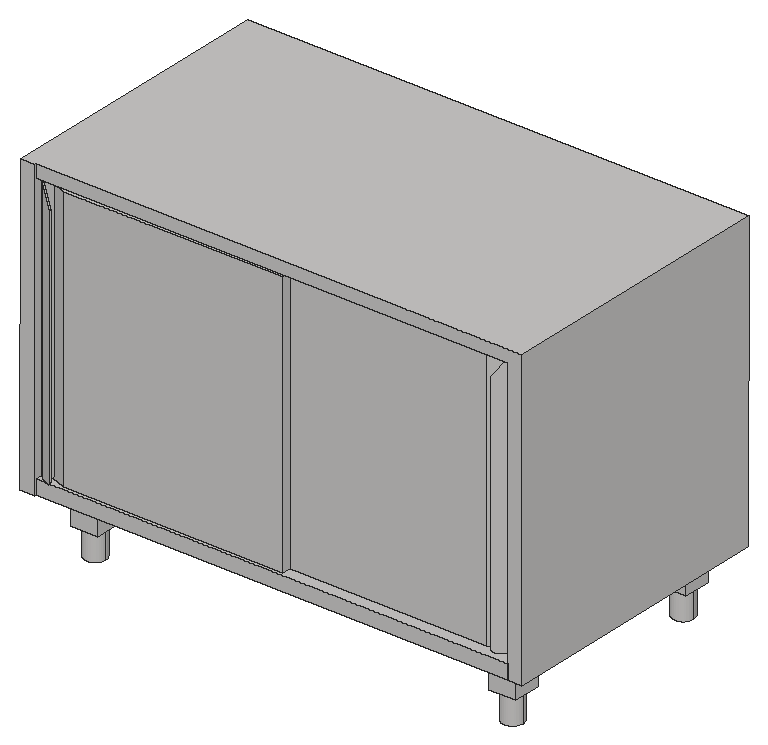
Revit family "QF_ELECTROLUXPROFESSIONAL_121826_TEL2S12", category Attrezzature speciali, Revit 2020
Family settings
  Quota connettore circolare = Usa diametro
  Tipo di parte = Normale
  Basato su piano di lavoro = No
  Sempre verticale = Sì
  Taglio con vuoti quando caricato = No
  Condiviso = No
  Punto di calcolo locali = No
Parameters (values of type "Standard")
  Weight = 40.00 kg
  Watts = 0 W
  Volts = 0 V
  URL Manufacturer = "https://www.electroluxprofessional.com/"
  URL = "https://www.electroluxprofessional.com/"
  Steam Supply Size = 0 mm
  Steam Supply Minimum Pressure = 0.0 Pa
  Steam Supply Maximum Pressure = 0.0 Pa
  Steam Consumption per Hour = 0
  Refrigeration Suction Line Size = 0.0 mm
  Refrigeration Liquid Line Size = 0.0 mm
  Refrigerant Compressor Remote = yes
  Prospetto di default = 0.0 mm
  Phase = 0
  Modello = "TEL2S12"
  Produttore = "Electrolux Professional"
  Length Actual = 1200.0 mm  # constant formula
  Item Number = "121826"
  Hot Water Size = 0 mm
  Height Actual = 860.0 mm  # constant formula
  HP = "0 HP"
  Gas Size = 0 mm
  Gas KW = 0
  Gas Input Pressure = 0 W
  Direct Waste Size = 0 mm
  Descrizione = "CUPBOARD BASE FOR SINK TOP 1200MM"
  Depth Actual = 680.0 mm  # constant formula
  Cycle = 0 Hz
  Condensate Return Size = 0 mm
  Compressed Air Volume = 0.0 L/s
  Compressed Air Size = 0 mm
  Compressed Air Pressure = 0.0 Pa
  Cold Water Size = 0 mm
  Accessory = yes
Reference planes
  plane 1 "Center (Front/Back)": y = 0
  plane 2: z = 0
  plane 3 "Center (Left/Right)": x = -300
  plane 4 "LEFT": x = -900
  plane 5 "RIGHT": x = 300
  plane 6 "BACK": y = 340
  plane 7 "FRONT": y = -340
  plane 8 "Base": z = 860
  plane 9 "TOP": z = 900
  plane 10: x = -800
  plane 11: x = 200
  plane 12: y = 270
  plane 13: y = -240
  plane 14 "FEET": z = 150
  plane 15: x = -866
  plane 16: y = -337
  plane 17: y = 310
  plane 18: x = 266
  plane 19: x = -326.5
  plane 20: x = -273.5
Forms (mm)
  Extrusion 1, solid, material "QF_Finishes_Stainless Steel"
    sketch origin (0, 0, 150) x (-1, 0, 0) y (0, -1, 0)
      loop
        line (900, -340) -> (900, 340) -> (866, 340) -> (866, -340) -> (900, -340)
      loop
        line (-266, -340) -> (-266, 337) -> (-300, 337) -> (-300, -340) -> (-266, -340)
    from 0 to 710
  Extrusion 2, solid, material "QF_Finishes_Stainless Steel"
    sketch origin (0, 0, 150) x (-1, 0, 0) y (0, -1, 0)
      loop
        line (866, -310) -> (866, 337) -> (-266, 337) -> (-266, -310) -> (866, -310)
    from 0 to 35
  Extrusion 3, solid, material "QF_Finishes_Stainless Steel"
    sketch origin (0, 0, 0) x (1, 0, 0) y (0, 1, 0)
      loop
        line (-866, -337) -> (266, -337) -> (266, 340) -> (-866, 340) -> (-866, -337)
    from 830 to 860
  Extrusion 4, solid, material "QF_Finishes_Stainless Steel"
    sketch origin (0, 0, 150) x (-1, 0, 0) y (0, -1, 0)
      loop
        line (866, -340) -> (866, -310) -> (-266, -310) -> (-266, -340) -> (866, -340)
    from 680 to 0
  Extrusion 5, solid, material "QF_Finishes_Stainless Steel"
    sketch origin (0, -340, 0) x (-1, 0, 0) y (0, 0, 1)
      loop
        line (301, 185) -> (301, 187) -> (299, 187) -> (299, 185) -> (301, 185)
    from 45 to 43
  Extrusion 6, solid, material "QF_Finishes_Stainless Steel"
    sketch origin (0, 0, 150) x (-1, 0, 0) y (0, -1, 0)
      loop
        line (326.5, 317) -> (-198, 317) -> (-233, 302) -> (-263, 302) -> (-263, 297) -> (326.5, 297) -> (326.5, 317)
    from 675 to 40
  Extrusion 7, solid, material "QF_Finishes_Stainless Steel"
    sketch origin (0, 0, 150) x (-1, 0, 0) y (0, -1, 0)
      loop
        line (-221, 331) -> (-249, 316) -> (-263, 302) -> (-260.172, 302) -> (-247.795, 314.377) -> (-220.056, 329.237) -> (-221, 331)
    from 675 to 40
  Extrusion 8, solid, material "QF_Finishes_Stainless Steel"
    sketch origin (0, 0, 150) x (-1, 0, 0) y (0, -1, 0)
      loop
        line (273.5, 337) -> (273.5, 317) -> (863, 317) -> (863, 322) -> (833, 322) -> (798, 337) -> (273.5, 337)
    from 675 to 40
  Extrusion 9, solid, material "QF_Finishes_Stainless Steel"
    sketch origin (0, 0, 150) x (-1, 0, 0) y (0, -1, 0)
      loop
        line (821, 351) -> (820.056, 349.237) -> (847.795, 334.377) -> (860.172, 322) -> (863, 322) -> (849, 336) -> (821, 351)
    from 675 to 40
  Extrusion 10, void
    sketch origin (-318.5, -342.5, 2435) x (-1, 0, 0) y (0, 0, 1)
      loop
        line (497, -1610) -> (497, -1661.75) -> (531.5, -1610) -> (497, -1610)
      loop
        line (501.556, -2245) -> (511.556, -2245)
        arc (511.556, -2245) -> (504.484, -2242.071) -> (501.556, -2235) r 10
        line (501.556, -2235) -> (501.556, -2245)
    from -13.118 to 9.689
  Extrusion 11, void
    sketch origin (-481.5, -342.5, 2430) x (1, 0, 0) y (0, 0, -1)
      loop
        line (697, 1605) -> (731.5, 1605) -> (697, 1656.75) -> (697, 1605)
      loop
        line (701.556, 2240) -> (701.556, 2230)
        arc (701.556, 2230) -> (704.484, 2237.071) -> (711.556, 2240) r 10
        line (711.556, 2240) -> (701.556, 2240)
    from 5.5 to 29.918
Cuts and joins
  joined: Extrusion 1, Extrusion 3, Extrusion 4
  Extrusion 10 cuts Extrusion 9
  Extrusion 11 cuts Extrusion 7
Lines and regions (mm)
  symbolic lines, style "SpecialityEquipmentHiddenLines"
    curve 1: line (300, 340, 900) -> (-900, 340, 900)
    curve 2: line (300, -340, 900) -> (300, 340, 900)
    curve 3: line (-900, -344.5, 150) -> (-900, 340, 150)
    curve 4: line (-900, -340, 150) -> (-866, -340, 150)
    curve 5: line (-866, -340, 150) -> (-866, -337, 150)
    curve 6: line (-866, -337, 150) -> (266, -337, 150)
    curve 7: line (266, -337, 150) -> (266, -340, 150)
    curve 8: line (266, -340, 150) -> (300, -340, 150)
    curve 9: line (266, -340, 1600) -> (266, -337, 1600)
    curve 11: line (-866, -337, 1600) -> (-866, -340, 1600)
    curve 12: line (266, -297, 200) -> (-326.5, -297, 200)
    curve 13: line (-326.5, -297, 200) -> (-326.5, -317, 200)
    curve 14: line (199, -317, 200) -> (-863, -317, 200)
    curve 18: line (-273.5, -317, 200) -> (-273.5, -337, 200)
    curve 19: line (198, -317, 1600) -> (233, -302, 1600)
    curve 20: line (233, -302, 1600) -> (263, -302, 1600)
    curve 21: line (263, -302, 1600) -> (263, -297, 1600)
    curve 22: line (220.958, -331.023, 1600) -> (248.999, -316.001, 1600)
    curve 23: line (248.999, -316.001, 1600) -> (263, -302, 1600)
    curve 24: line (260.172, -302, 1600) -> (247.795, -314.377, 1600)
    curve 25: line (247.795, -314.377, 1600) -> (219.992, -329.271, 1600)
    curve 26: line (219.992, -329.271, 1600) -> (220.958, -331.023, 1600)
    curve 27: line (-863, -317, 1600) -> (-863, -322, 1600)
    curve 28: line (-863, -322, 1600) -> (-849, -336, 1600)
    curve 29: line (-849, -336, 1600) -> (-847.133, -337, 1600)
    curve 30: line (-842.884, -337, 1600) -> (-847.955, -334.283, 1600)
    curve 31: line (-847.955, -334.283, 1600) -> (-860.239, -322, 1600)
    curve 32: line (-798, -337, 1600) -> (-833, -322, 1600)
    curve 33: line (-833, -322, 1600) -> (-863, -322, 1600)
  symbolic lines, style "SpecialityEquipment"
    curve 10: line (266, -337, 1600) -> (-866, -337, 1600)
    curve 15: line (-847.133, -337, 1600) -> (-820.985, -351.008, 1600)
    curve 16: line (-820.985, -351.008, 1600) -> (-820.038, -349.239, 1600)
    curve 17: line (-842.884, -337, 1600) -> (-820.038, -349.239, 1600)
Dimensions and locks
  plane 4 "LEFT" to plane 5 "RIGHT" = 1200.0 mm
  equal spacing: plane 4 "LEFT", plane 3 "Center (Left/Right)", plane 5 "RIGHT"
  plane 6 "BACK" to plane 7 "FRONT" = 680.0 mm
  equal spacing: plane 6 "BACK", plane 1 "Center (Front/Back)", plane 7 "FRONT"
  locked: plane 14 "FEET" to level at 150
  locked: plane 4 "LEFT" to plane 10 at 100
  locked: plane 11 to plane 5 "RIGHT" at 100
  locked: plane 4 "LEFT" to plane 15 at 34
  plane 16 to plane 7 "FRONT" = 3.0 mm
  plane 6 "BACK" to plane 17 = 30.0 mm
  locked: plane 6 "BACK" to plane 12 at 70
  locked: plane 13 to plane 7 "FRONT" at 100
  locked: plane 8 "Base" to level at 860
  locked: plane 9 "TOP" to level at 900
  locked: plane 18 to plane 5 "RIGHT" at 34
  locked: plane 19 to plane 20 at 53
  equal spacing: plane 19, plane 3 "Center (Left/Right)", plane 20
  aligned and locked: level to plane 2
  aligned and locked: plane 10 to nested 1
  aligned and locked: plane 11 to nested 2  (x2)
  aligned and locked: nested 4 to plane 12
  aligned and locked: plane 10 to nested 3
  aligned and locked: nested 3 to plane 12
  aligned and locked: plane 8 "Base" to Extrusion 1
  aligned and locked: plane 6 "BACK" to Extrusion 1 sketch curve
  aligned and locked: Extrusion 1 sketch curve to plane 6 "BACK"
  aligned and locked: Extrusion 1 sketch curve to plane 7 "FRONT"
  aligned and locked: plane 15 to Extrusion 1
  aligned and locked: Extrusion 2 to plane 15
  aligned and locked: plane 8 "Base" to Extrusion 3
  aligned and locked: Extrusion 2 to plane 16
  aligned and locked: Extrusion 2 to plane 17
  aligned and locked: Extrusion 3 to plane 16
  aligned and locked: plane 15 to Extrusion 4 sketch curve
  aligned and locked: Extrusion 4 sketch curve to plane 6 "BACK"
  aligned and locked: Extrusion 4 sketch curve to plane 17
  aligned and locked: Extrusion 4 to Extrusion 3
  aligned and locked: Extrusion 4 to plane 14 "FEET"
  aligned and locked: plane 6 "BACK" to Extrusion 3
  aligned and locked: nested 1 to plane 13
  aligned and locked: nested 2 to plane 13
  aligned and locked: plane 18 to Extrusion 3
  aligned and locked: Extrusion 2 sketch curve to plane 18
  aligned and locked: cut or joined group of Extrusion 1, Extrusion 3, Extrusion 4 to plane 18
  aligned and locked: plane 18 to cut or joined group of Extrusion 1, Extrusion 3, Extrusion 4
  aligned and locked: Extrusion 6 to plane 19
  aligned and locked: curve 13 to plane 19
  aligned and locked: plane 20 to Extrusion 8
  aligned and locked: curve 18 to plane 20
  aligned and locked: curve 7 to curve 9
  aligned and locked: plane 18 to curve 9
  aligned and locked: nested 4 to nested 4
  aligned and locked: nested 4 to nested 2
Automatic sketch dimensions
  curve 2 to plane 5 "RIGHT" = 0.0 mm
  curve 2 to plane 7 "FRONT" = 0.0 mm
  curve 1 to plane 4 "LEFT" = 0.0 mm
  curve 1 to plane 6 "BACK" = 0.0 mm
  Extrusion 1 sketch curve to plane 5 "RIGHT" = 0.0 mm
  Extrusion 1 sketch curve to plane 16 = 0.0 mm
  Extrusion 1 sketch curve to plane 18 = 0.0 mm
  Extrusion 1 sketch curve to plane 15 = 0.0 mm
  Extrusion 1 sketch curve to plane 4 "LEFT" = 0.0 mm
  Extrusion 2 sketch curve to plane 15 = 0.0 mm
  plane 17 to Extrusion 2 sketch curve = 0.0 mm
  Extrusion 2 sketch curve to plane 16 = 0.0 mm
  curve 8 to plane 5 "RIGHT" = 0.0 mm
  curve 6 to plane 15 = 0.0 mm
  curve 3 to plane 4 "LEFT" = 0.0 mm
  curve 3 to plane 6 "BACK" = 0.0 mm
  curve 6 to plane 16 = 0.0 mm
  curve 8 to plane 7 "FRONT" = 0.0 mm
  curve 4 to plane 7 "FRONT" = 0.0 mm
  curve 4 to curve 3 = 4.5 mm
  Extrusion 3 sketch curve to plane 6 "BACK" = 0.0 mm
  Extrusion 3 sketch curve to plane 15 = 0.0 mm
  Extrusion 3 sketch curve to plane 18 = 0.0 mm
  Extrusion 3 sketch curve to plane 16 = 0.0 mm
  Extrusion 4 sketch curve to plane 18 = 0.0 mm
  plane 3 "Center (Left/Right)" to Extrusion 5 sketch curve = 1.0 mm
  Extrusion 5 sketch curve to plane 3 "Center (Left/Right)" = 1.0 mm
  plane 14 "FEET" to Extrusion 5 sketch curve = 35.0 mm
  Extrusion 5 sketch curve to Extrusion 5 sketch curve = 2.0 mm
  Extrusion 6 sketch curve to plane 19 = 0.0 mm
  Extrusion 6 sketch curve to plane 11 = 2.0 mm
  plane 11 to Extrusion 6 sketch curve = 33.0 mm
  Extrusion 6 sketch curve to plane 18 = 3.0 mm
  plane 16 to Extrusion 6 sketch curve = 40.0 mm
  Extrusion 6 sketch curve to Extrusion 6 sketch curve = 5.0 mm
  Extrusion 6 sketch curve to Extrusion 6 sketch curve = 20.0 mm
  Extrusion 7 sketch curve to plane 18 = 3.0 mm
  Extrusion 7 sketch curve to Extrusion 7 sketch curve = 2.828 mm
  Extrusion 7 sketch curve to plane 18 = 17.0 mm
  Extrusion 7 sketch curve to Extrusion 7 sketch curve = 1.205 mm
  plane 16 to Extrusion 7 sketch curve = 6.0 mm
  plane 11 to Extrusion 7 sketch curve = 21.0 mm
  plane 16 to Extrusion 7 sketch curve = 7.763 mm
  Extrusion 7 sketch curve to Extrusion 7 sketch curve = 0.944 mm
  Extrusion 7 sketch curve to Extrusion 7 sketch curve = 12.377 mm
  Extrusion 8 sketch curve to plane 16 = 0.0 mm
  Extrusion 8 sketch curve to plane 20 = 0.0 mm
  plane 10 to Extrusion 8 sketch curve = 2.0 mm
  plane 16 to Extrusion 8 sketch curve = 15.0 mm
  Extrusion 8 sketch curve to plane 10 = 33.0 mm
  plane 15 to Extrusion 8 sketch curve = 3.0 mm
  Extrusion 8 sketch curve to Extrusion 8 sketch curve = 20.0 mm
  Extrusion 9 sketch curve to plane 10 = 20.056 mm
  Extrusion 9 sketch curve to plane 7 "FRONT" = 11.0 mm
  Extrusion 9 sketch curve to Extrusion 9 sketch curve = 0.944 mm
  plane 16 to Extrusion 9 sketch curve = 2.623 mm
  plane 15 to Extrusion 9 sketch curve = 18.205 mm
  plane 16 to Extrusion 9 sketch curve = 1.0 mm
  plane 15 to Extrusion 9 sketch curve = 5.828 mm
  Extrusion 9 sketch curve to Extrusion 9 sketch curve = 2.828 mm
  plane 16 to Extrusion 9 sketch curve = 15.0 mm
  curve 32 to plane 16 = 0.0 mm
  curve 11 to plane 15 = 0.0 mm
  curve 9 to plane 7 "FRONT" = 0.0 mm
  curve 11 to plane 7 "FRONT" = 0.0 mm
  curve 23 to plane 18 = 3.0 mm
  curve 23 to plane 18 = 17.001 mm
  curve 22 to curve 25 = 1.204 mm
  curve 24 to curve 19 = 14.795 mm
  plane 16 to curve 22 = 5.977 mm
  plane 11 to curve 22 = 20.958 mm
  plane 16 to curve 25 = 7.729 mm
  curve 22 to curve 25 = 0.966 mm
  curve 16 to plane 7 "FRONT" = 9.239 mm
  curve 16 to plane 10 = 20.038 mm
  curve 16 to plane 7 "FRONT" = 11.008 mm
  curve 16 to curve 16 = 0.948 mm
  curve 33 to curve 17 = 9.884 mm
  plane 16 to curve 30 = 2.717 mm
  curve 15 to curve 30 = 0.822 mm
  plane 16 to curve 29 = 1.0 mm
  curve 30 to curve 29 = 1.045 mm
  plane 15 to curve 33 = 3.0 mm
  plane 16 to curve 33 = 15.0 mm
  plane 16 to curve 23 = 20.999 mm
  curve 25 to curve 22 = 1.624 mm
  curve 19 to curve 24 = 12.377 mm
  curve 20 to curve 24 = 2.828 mm
  curve 19 to plane 11 = 2.0 mm
  plane 10 to curve 32 = 2.0 mm
  curve 30 to curve 17 = 0.0 mm
  curve 29 to curve 15 = 0.0 mm
  curve 31 to curve 27 = 2.761 mm
  curve 27 to curve 27 = 5.0 mm
  plane 16 to curve 19 = 20.0 mm
  curve 21 to curve 20 = 5.0 mm
  curve 12 to plane 18 = 0.0 mm
  curve 18 to plane 16 = 0.0 mm
  plane 16 to curve 13 = 40.0 mm
  curve 14 to plane 11 = 1.0 mm
  plane 15 to curve 14 = 3.0 mm
  curve 12 to curve 13 = 20.0 mm
  Extrusion 10 sketch curve to plane 10 = 15.5 mm
  Extrusion 10 sketch curve to plane 10 = 20.056 mm
  Extrusion 10 sketch curve to Extrusion 10 sketch curve = 10.0 mm
  plane 15 to Extrusion 10 sketch curve = 16.0 mm
  plane 14 "FEET" to Extrusion 10 sketch curve = 40.0 mm
  Extrusion 10 sketch curve to plane 8 "Base" = 86.75 mm
  Extrusion 10 sketch curve to plane 8 "Base" = 35.0 mm
  plane 11 to Extrusion 11 sketch curve = 15.5 mm
  plane 11 to Extrusion 11 sketch curve = 20.056 mm
  Extrusion 11 sketch curve to Extrusion 11 sketch curve = 10.0 mm
  Extrusion 11 sketch curve to plane 18 = 16.0 mm
  Extrusion 11 sketch curve to plane 8 "Base" = 35.0 mm
  Extrusion 11 sketch curve to Extrusion 11 sketch curve = 51.75 mm
  plane 14 "FEET" to Extrusion 11 sketch curve = 50.0 mm
Nested families
  nested 1: "FEET_L65-150" at (-800, -240, 0), type "FEET_L65-150"
  nested 2: "FEET_L65-150" at (200, -240, 0), type "FEET_L65-150"
  nested 3: "FEET_L65-150" at (-800, 270, 0), type "FEET_L65-150"
  nested 4: "FEET_L65-150" at (200, 270, 0), type "FEET_L65-150"
Definition of nested family "FEET_L65-150"
  Parameters
    Default Elevation = 0.0 mm
    FEET = 150.0 mm
  Reference planes
    plane 1 "Center (Front/Back)": y = 0
    plane 2: z = 0
    plane 3 "Center (Left/Right)": x = 0
    plane 4: z = 150
  Forms (mm)
    Extrusion 1, solid
      sketch origin (0, 0, 0) x (1, 0, 0) y (0, 1, 0)
        loop
          circle (0, 0) r 25
      from 0 to 67
    Extrusion 2, solid
      sketch origin (0, 0, 0) x (1, 0, 0) y (0, 1, 0)
        loop
          line (32.561, 32.5) -> (-32.439, 32.5) -> (-32.439, -32.5) -> (32.561, -32.5) -> (32.561, 32.5)
      from 67 to 150 <- "FEET"
  Lines and regions (mm)
    symbolic lines
      curve 1: line (0, -1.503, 0) -> (0, 1.508, 0)
      curve 2: line (1.561, 0, 0) -> (-1.439, 0, 0)
  Dimensions and locks
    "FEET": plane 4 to plane 2
    aligned and locked: level to plane 2
  Automatic sketch dimensions
    plane 1 "Center (Front/Back)" to Extrusion 1 sketch curve = 0.0 mm
    Extrusion 1 sketch curve to plane 3 "Center (Left/Right)" = 0.0 mm
    plane 1 "Center (Front/Back)" to curve 2 = 0.0 mm
    curve 1 to plane 3 "Center (Left/Right)" = 0.0 mm
    curve 2 to plane 3 "Center (Left/Right)" = 1.439 mm
    plane 3 "Center (Left/Right)" to curve 2 = 1.561 mm
    plane 1 "Center (Front/Back)" to curve 1 = 1.503 mm
    curve 1 to plane 1 "Center (Front/Back)" = 1.508 mm
    Extrusion 2 sketch curve to plane 1 "Center (Front/Back)" = 32.5 mm
    Extrusion 2 sketch curve to plane 3 "Center (Left/Right)" = 32.439 mm
    plane 3 "Center (Left/Right)" to Extrusion 2 sketch curve = 32.561 mm
    plane 1 "Center (Front/Back)" to Extrusion 2 sketch curve = 32.5 mm
    radius of Extrusion 1 sketch curve = 25.0 mm
